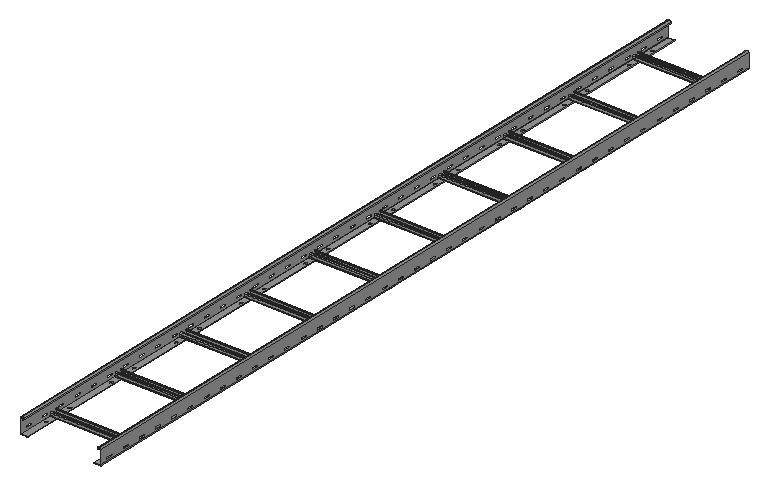
Revit family "Kabelleiter- LG630 VS 3 FS, FT, FT SO", category Generic Models, Revit 2017
Family settings
  Can host rebar = No
  Round Connector Dimension = Use Diameter
  Part Type = Normal
  Work Plane-Based = No
  Always vertical = Yes
  Cut with Voids When Loaded = No
  Shared = No
  Room Calculation Point = No
Parameters (values of type "LG 630 VS 3FT SO")
  Width/2 = 300 mm / 2  # 150 mm
  Width = 300 mm
  URL = "http://obo-bettermann.com"
  Material = Hot-dip galvanised 85 µm
  Manufacturer Art.No. = "7186361"
  Manufacturer = "OBO Bettermann"
  Length = 3000 mm
  Height = 60 mm
  GTIN = "4012195363279"
  Cut's space 2 = 300 mm
  Cut's space = 75 mm
  Cut's number 2 = (Length / Cut's space 2)  # 10
  Cut's number = Length / Cut's space  # 40
  Article Type = "LG 630 VS 3FT SO"
Reference planes
  plane 1 "Center (Front/Back)": y = 0
  plane 2: z = 0
  plane 3 "Center (Left/Right)": x = 0
  plane 4: z = 60
  plane 5: z = 51
  plane 6: z = 51
  plane 7: z = 60.305
  plane 8: y = 3000
  plane 9: y = 37.5
  plane 10: z = 14
  plane 11: y = 23.599
  plane 12: y = 37.599
  plane 13: z = 14
  plane 14: z = 14
  plane 15: z = 14
  plane 16: z = 14
  plane 17: z = 14
  plane 18: z = 14
  plane 19: z = 14
  plane 20: z = 14
  plane 21: z = 14
  plane 22: z = 14
  plane 23: z = 14
  plane 24: z = 14
  plane 25: z = 14
  plane 26: z = 14
  plane 27: z = 14
  plane 28: z = 14
  plane 29: z = 14
  plane 30: z = 14
  plane 31: z = 14
  plane 32: z = 14
  plane 33: z = 14
  plane 34: z = 14
  plane 35: z = 14
  plane 36: z = 14
  plane 37: z = 14
  plane 38: z = 14
  plane 39: z = 14
  plane 40: z = 14
  plane 41: z = 14
  plane 42: z = 14
  plane 43: z = 14
  plane 44: z = 14
  plane 45: z = 14
  plane 46: z = 14
  plane 47: z = 14
  plane 48: z = 14
  plane 49: z = 14
  plane 50: z = 14
  plane 51: z = 14
  plane 52: z = 14
  plane 53: z = 14
  plane 54: z = 14
  plane 55: y = 112.5
  plane 56: z = 14
  plane 57: y = 98.599
  plane 58: y = 187.5
  plane 59: z = 14
  plane 60: y = 173.599
  plane 61: y = 262.5
  plane 62: z = 14
  plane 63: y = 248.599
  plane 64: y = 337.5
  plane 65: z = 14
  plane 66: y = 323.599
  plane 67: y = 412.5
  plane 68: z = 14
  plane 69: y = 398.599
  plane 70: y = 487.5
  plane 71: z = 14
  plane 72: y = 473.599
  plane 73: y = 562.5
  plane 74: z = 14
  plane 75: y = 548.599
  plane 76: y = 637.5
  plane 77: z = 14
  plane 78: y = 623.599
  plane 79: y = 712.5
  plane 80: z = 14
  plane 81: y = 698.599
  plane 82: y = 787.5
  plane 83: z = 14
  plane 84: y = 773.599
  plane 85: y = 862.5
  plane 86: z = 14
  plane 87: y = 848.599
  plane 88: y = 937.5
  plane 89: z = 14
  plane 90: y = 923.599
  plane 91: y = 1012.5
  plane 92: z = 14
  plane 93: y = 998.599
  plane 94: y = 1087.5
  plane 95: z = 14
  plane 96: y = 1073.599
  plane 97: y = 1162.5
  plane 98: z = 14
  plane 99: y = 1148.599
  plane 100: y = 1237.5
  plane 101: z = 14
  plane 102: y = 1223.599
  plane 103: y = 1312.5
  plane 104: z = 14
  plane 105: y = 1298.599
  plane 106: y = 1387.5
  plane 107: z = 14
  plane 108: y = 1373.599
  plane 109: y = 1462.5
  plane 110: z = 14
  plane 111: y = 1448.599
  plane 112: y = 1537.5
  plane 113: z = 14
  plane 114: y = 1523.599
  plane 115: y = 1612.5
  plane 116: z = 14
  plane 117: y = 1598.599
  plane 118: y = 1687.5
  plane 119: z = 14
  plane 120: y = 1673.599
  plane 121: y = 1762.5
  plane 122: z = 14
  plane 123: y = 1748.599
  plane 124: y = 1837.5
  plane 125: z = 14
  plane 126: y = 1823.599
  plane 127: y = 1912.5
  plane 128: z = 14
  plane 129: y = 1898.599
  plane 130: y = 1987.5
  plane 131: z = 14
  plane 132: y = 1973.599
  plane 133: y = 2062.5
  plane 134: z = 14
  plane 135: y = 2048.599
  plane 136: y = 2137.5
  plane 137: z = 14
  plane 138: y = 2123.599
  plane 139: y = 2212.5
  plane 140: z = 14
  plane 141: y = 2198.599
  plane 142: y = 2287.5
  plane 143: z = 14
  plane 144: y = 2273.599
  plane 145: y = 2362.5
  plane 146: z = 14
  plane 147: y = 2348.599
  plane 148: y = 2437.5
  plane 149: z = 14
  plane 150: y = 2423.599
  plane 151: y = 2512.5
  plane 152: z = 14
  plane 153: y = 2498.599
  plane 154: y = 2587.5
  plane 155: z = 14
  plane 156: y = 2573.599
  plane 157: y = 2662.5
  plane 158: z = 14
  plane 159: y = 2648.599
  plane 160: y = 2737.5
  plane 161: z = 14
  plane 162: y = 2723.599
  plane 163: y = 2812.5
  plane 164: z = 14
  plane 165: y = 2798.599
  plane 166: y = 2887.5
  plane 167: z = 14
  plane 168: y = 2873.599
  plane 169: y = 2962.5
  plane 170: z = 14
  plane 171: y = 2948.599
  plane 172: y = 150
  plane 173: z = 15
  plane 174: x = -148.374
  plane 175: y = 100
  plane 176: y = 207.053
  plane 177: x = 132
  plane 178: x = 132
  plane 179: x = 132
  plane 180: x = 132
  plane 181: x = 132
  plane 182: x = 132
  plane 183: x = 132
  plane 184: x = 132
  plane 185: x = 132
  plane 186: x = 132
  plane 187: x = 132
  plane 188: x = 132
  plane 189: x = 132
  plane 190: x = 132
  plane 191: x = 132
  plane 192: x = 132
  plane 193: x = 132
  plane 194: x = 132
  plane 195: x = 132
  plane 196: x = 132
  plane 197: y = 100
  plane 198: y = 207.053
  plane 199: x = -132
  plane 200: x = -132
  plane 201: x = 50
  plane 202: x = 100
  plane 203: x = 40.047
  plane 204: x = 59.953
  plane 205: x = -50
  plane 206: x = -98
  plane 207: z = 15
  plane 208: z = 15
  plane 209: x = 50
  plane 210: x = 100
  plane 211: x = 40.047
  plane 212: x = 59.953
  plane 213: x = -50
  plane 214: x = -98
  plane 215: z = 15
  plane 216: x = 50
  plane 217: x = 100
  plane 218: x = 40.047
  plane 219: x = 59.953
  plane 220: x = -50
  plane 221: x = -98
  plane 222: z = 15
  plane 223: x = 50
  plane 224: x = 100
  plane 225: x = 40.047
  plane 226: x = 59.953
  plane 227: x = -50
  plane 228: x = -98
  plane 229: z = 15
  plane 230: x = 50
  plane 231: x = 100
  plane 232: x = 40.047
  plane 233: x = 59.953
  plane 234: x = -50
  plane 235: x = -98
  plane 236: z = 15
  plane 237: x = 50
  plane 238: x = 100
  plane 239: x = 40.047
  plane 240: x = 59.953
  plane 241: x = -50
  plane 242: x = -98
  plane 243: z = 15
  plane 244: x = 50
  plane 245: x = 100
  plane 246: x = 40.047
  plane 247: x = 59.953
  plane 248: x = -50
  plane 249: x = -98
  plane 250: z = 15
  plane 251: x = 50
  plane 252: x = 100
  plane 253: x = 40.047
  plane 254: x = 59.953
  plane 255: x = -50
  plane 256: x = -98
  plane 257: z = 15
  plane 258: x = 50
  plane 259: x = 100
  plane 260: x = 40.047
  plane 261: x = 59.953
  plane 262: x = -50
  plane 263: x = -98
  plane 264: z = 15
  plane 265: x = 50
  plane 266: x = 100
  plane 267: x = 40.047
  plane 268: x = 59.953
  plane 269: x = -50
  plane 270: x = -98
Forms (mm)
  Extrusion 1, solid, material "Hot-dip galvanised 85 µm" <- "Material"
    sketch origin (0, 0, 0) x (1, 0, 0) y (0, 0, 1)
      loop
        line (-150, 54.005) -> (-150, 2.5)
        arc (-150, 2.5) -> (-149.268, 0.732) -> (-147.5, 0) r 2.5
        line (-147.5, 0) -> (-123, 0) -> (-123, 1.5) -> (-147.5, 1.5)
        arc (-147.5, 1.5) -> (-148.207, 1.793) -> (-148.5, 2.5) r 1
        line (-148.5, 2.5) -> (-148.5, 54.005)
        arc (-148.5, 54.005) -> (-144, 58.505) -> (-139.5, 54.005) r 4.5
        line (-139.5, 54.005) -> (-139.5, 51) -> (-138, 51) -> (-138, 54.005)
        arc (-138, 54.005) -> (-144, 60.005) -> (-150, 54.005) r 6
      loop
        arc (150, 54.038) -> (144, 60.038) -> (138, 54.038) r 6
        line (138, 54.038) -> (138, 51) -> (139.5, 51) -> (139.5, 54.038)
        arc (139.5, 54.038) -> (144, 58.538) -> (148.5, 54.038) r 4.5
        line (148.5, 54.038) -> (148.5, 2.5)
        arc (148.5, 2.5) -> (148.207, 1.793) -> (147.5, 1.5) r 1
        line (147.5, 1.5) -> (123, 1.5) -> (123, 0) -> (147.5, 0)
        arc (147.5, 0) -> (149.268, 0.732) -> (150, 2.5) r 2.5
        line (150, 2.5) -> (150, 54.038)
    from -3000 to 0
  Extrusion 2, void
    sketch origin (0, 0, 0) x (0, 1, 0) y (0, 0, 1)
      loop
        arc (24.599, 18.5) -> (23.891, 18.207) -> (23.599, 17.5) r 1
        line (23.599, 17.5) -> (23.599, 10.5)
        arc (23.599, 10.5) -> (23.891, 9.793) -> (24.599, 9.5) r 1
        line (24.599, 9.5) -> (50.599, 9.5)
        arc (50.599, 9.5) -> (51.306, 9.793) -> (51.599, 10.5) r 1
        line (51.599, 10.5) -> (51.599, 17.5)
        arc (51.599, 17.5) -> (51.306, 18.207) -> (50.599, 18.5) r 1
        line (50.599, 18.5) -> (24.599, 18.5)
    from -150 to -148.5
  Extrusion 3, void
    sketch origin (0, 0, 0) x (0, 1, 0) y (0, 0, 1)
      loop
        arc (24.599, 18.5) -> (23.891, 18.207) -> (23.599, 17.5) r 1
        line (23.599, 17.5) -> (23.599, 10.153)
        arc (23.599, 10.153) -> (23.79, 9.691) -> (24.252, 9.5) r 0.653
        line (24.252, 9.5) -> (50.945, 9.5)
        arc (50.945, 9.5) -> (51.407, 9.691) -> (51.599, 10.153) r 0.653
        line (51.599, 10.153) -> (51.599, 17.5)
        arc (51.599, 17.5) -> (51.306, 18.207) -> (50.599, 18.5) r 1
        line (50.599, 18.5) -> (24.599, 18.5)
    from 148.5 to 150
  Extrusion 4, void
    sketch origin (0, 75, 0) x (0, 1, 0) y (0, 0, 1)
      loop
        arc (24.599, 18.5) -> (23.891, 18.207) -> (23.599, 17.5) r 1
        line (23.599, 17.5) -> (23.599, 10.153)
        arc (23.599, 10.153) -> (23.79, 9.691) -> (24.252, 9.5) r 0.653
        line (24.252, 9.5) -> (50.945, 9.5)
        arc (50.945, 9.5) -> (51.407, 9.691) -> (51.599, 10.153) r 0.653
        line (51.599, 10.153) -> (51.599, 17.5)
        arc (51.599, 17.5) -> (51.306, 18.207) -> (50.599, 18.5) r 1
        line (50.599, 18.5) -> (24.599, 18.5)
    from 148.5 to 150
  Extrusion 5, void
    sketch origin (0, 150, 0) x (0, 1, 0) y (0, 0, 1)
      loop
        arc (24.599, 18.5) -> (23.891, 18.207) -> (23.599, 17.5) r 1
        line (23.599, 17.5) -> (23.599, 10.153)
        arc (23.599, 10.153) -> (23.79, 9.691) -> (24.252, 9.5) r 0.653
        line (24.252, 9.5) -> (50.945, 9.5)
        arc (50.945, 9.5) -> (51.407, 9.691) -> (51.599, 10.153) r 0.653
        line (51.599, 10.153) -> (51.599, 17.5)
        arc (51.599, 17.5) -> (51.306, 18.207) -> (50.599, 18.5) r 1
        line (50.599, 18.5) -> (24.599, 18.5)
    from 148.5 to 150
  Extrusion 6, void
    sketch origin (0, 225, 0) x (0, 1, 0) y (0, 0, 1)
      loop
        arc (24.599, 18.5) -> (23.891, 18.207) -> (23.599, 17.5) r 1
        line (23.599, 17.5) -> (23.599, 10.153)
        arc (23.599, 10.153) -> (23.79, 9.691) -> (24.252, 9.5) r 0.653
        line (24.252, 9.5) -> (50.945, 9.5)
        arc (50.945, 9.5) -> (51.407, 9.691) -> (51.599, 10.153) r 0.653
        line (51.599, 10.153) -> (51.599, 17.5)
        arc (51.599, 17.5) -> (51.306, 18.207) -> (50.599, 18.5) r 1
        line (50.599, 18.5) -> (24.599, 18.5)
    from 148.5 to 150
  Extrusion 7, void
    sketch origin (0, 300, 0) x (0, 1, 0) y (0, 0, 1)
      loop
        arc (24.599, 18.5) -> (23.891, 18.207) -> (23.599, 17.5) r 1
        line (23.599, 17.5) -> (23.599, 10.153)
        arc (23.599, 10.153) -> (23.79, 9.691) -> (24.252, 9.5) r 0.653
        line (24.252, 9.5) -> (50.945, 9.5)
        arc (50.945, 9.5) -> (51.407, 9.691) -> (51.599, 10.153) r 0.653
        line (51.599, 10.153) -> (51.599, 17.5)
        arc (51.599, 17.5) -> (51.306, 18.207) -> (50.599, 18.5) r 1
        line (50.599, 18.5) -> (24.599, 18.5)
    from 148.5 to 150
  Extrusion 8, void
    sketch origin (0, 375, 0) x (0, 1, 0) y (0, 0, 1)
      loop
        arc (24.599, 18.5) -> (23.891, 18.207) -> (23.599, 17.5) r 1
        line (23.599, 17.5) -> (23.599, 10.153)
        arc (23.599, 10.153) -> (23.79, 9.691) -> (24.252, 9.5) r 0.653
        line (24.252, 9.5) -> (50.945, 9.5)
        arc (50.945, 9.5) -> (51.407, 9.691) -> (51.599, 10.153) r 0.653
        line (51.599, 10.153) -> (51.599, 17.5)
        arc (51.599, 17.5) -> (51.306, 18.207) -> (50.599, 18.5) r 1
        line (50.599, 18.5) -> (24.599, 18.5)
    from 148.5 to 150
  Extrusion 9, void
    sketch origin (0, 450, 0) x (0, 1, 0) y (0, 0, 1)
      loop
        arc (24.599, 18.5) -> (23.891, 18.207) -> (23.599, 17.5) r 1
        line (23.599, 17.5) -> (23.599, 10.153)
        arc (23.599, 10.153) -> (23.79, 9.691) -> (24.252, 9.5) r 0.653
        line (24.252, 9.5) -> (50.945, 9.5)
        arc (50.945, 9.5) -> (51.407, 9.691) -> (51.599, 10.153) r 0.653
        line (51.599, 10.153) -> (51.599, 17.5)
        arc (51.599, 17.5) -> (51.306, 18.207) -> (50.599, 18.5) r 1
        line (50.599, 18.5) -> (24.599, 18.5)
    from 148.5 to 150
  Extrusion 10, void
    sketch origin (0, 525, 0) x (0, 1, 0) y (0, 0, 1)
      loop
        arc (24.599, 18.5) -> (23.891, 18.207) -> (23.599, 17.5) r 1
        line (23.599, 17.5) -> (23.599, 10.153)
        arc (23.599, 10.153) -> (23.79, 9.691) -> (24.252, 9.5) r 0.653
        line (24.252, 9.5) -> (50.945, 9.5)
        arc (50.945, 9.5) -> (51.407, 9.691) -> (51.599, 10.153) r 0.653
        line (51.599, 10.153) -> (51.599, 17.5)
        arc (51.599, 17.5) -> (51.306, 18.207) -> (50.599, 18.5) r 1
        line (50.599, 18.5) -> (24.599, 18.5)
    from 148.5 to 150
  Extrusion 11, void
    sketch origin (0, 600, 0) x (0, 1, 0) y (0, 0, 1)
      loop
        arc (24.599, 18.5) -> (23.891, 18.207) -> (23.599, 17.5) r 1
        line (23.599, 17.5) -> (23.599, 10.153)
        arc (23.599, 10.153) -> (23.79, 9.691) -> (24.252, 9.5) r 0.653
        line (24.252, 9.5) -> (50.945, 9.5)
        arc (50.945, 9.5) -> (51.407, 9.691) -> (51.599, 10.153) r 0.653
        line (51.599, 10.153) -> (51.599, 17.5)
        arc (51.599, 17.5) -> (51.306, 18.207) -> (50.599, 18.5) r 1
        line (50.599, 18.5) -> (24.599, 18.5)
    from 148.5 to 150
  Extrusion 12, void
    sketch origin (0, 675, 0) x (0, 1, 0) y (0, 0, 1)
      loop
        arc (24.599, 18.5) -> (23.891, 18.207) -> (23.599, 17.5) r 1
        line (23.599, 17.5) -> (23.599, 10.153)
        arc (23.599, 10.153) -> (23.79, 9.691) -> (24.252, 9.5) r 0.653
        line (24.252, 9.5) -> (50.945, 9.5)
        arc (50.945, 9.5) -> (51.407, 9.691) -> (51.599, 10.153) r 0.653
        line (51.599, 10.153) -> (51.599, 17.5)
        arc (51.599, 17.5) -> (51.306, 18.207) -> (50.599, 18.5) r 1
        line (50.599, 18.5) -> (24.599, 18.5)
    from 148.5 to 150
  Extrusion 13, void
    sketch origin (0, 750, 0) x (0, 1, 0) y (0, 0, 1)
      loop
        arc (24.599, 18.5) -> (23.891, 18.207) -> (23.599, 17.5) r 1
        line (23.599, 17.5) -> (23.599, 10.153)
        arc (23.599, 10.153) -> (23.79, 9.691) -> (24.252, 9.5) r 0.653
        line (24.252, 9.5) -> (50.945, 9.5)
        arc (50.945, 9.5) -> (51.407, 9.691) -> (51.599, 10.153) r 0.653
        line (51.599, 10.153) -> (51.599, 17.5)
        arc (51.599, 17.5) -> (51.306, 18.207) -> (50.599, 18.5) r 1
        line (50.599, 18.5) -> (24.599, 18.5)
    from 148.5 to 150
  Extrusion 14, void
    sketch origin (0, 825, 0) x (0, 1, 0) y (0, 0, 1)
      loop
        arc (24.599, 18.5) -> (23.891, 18.207) -> (23.599, 17.5) r 1
        line (23.599, 17.5) -> (23.599, 10.153)
        arc (23.599, 10.153) -> (23.79, 9.691) -> (24.252, 9.5) r 0.653
        line (24.252, 9.5) -> (50.945, 9.5)
        arc (50.945, 9.5) -> (51.407, 9.691) -> (51.599, 10.153) r 0.653
        line (51.599, 10.153) -> (51.599, 17.5)
        arc (51.599, 17.5) -> (51.306, 18.207) -> (50.599, 18.5) r 1
        line (50.599, 18.5) -> (24.599, 18.5)
    from 148.5 to 150
  Extrusion 15, void
    sketch origin (0, 900, 0) x (0, 1, 0) y (0, 0, 1)
      loop
        arc (24.599, 18.5) -> (23.891, 18.207) -> (23.599, 17.5) r 1
        line (23.599, 17.5) -> (23.599, 10.153)
        arc (23.599, 10.153) -> (23.79, 9.691) -> (24.252, 9.5) r 0.653
        line (24.252, 9.5) -> (50.945, 9.5)
        arc (50.945, 9.5) -> (51.407, 9.691) -> (51.599, 10.153) r 0.653
        line (51.599, 10.153) -> (51.599, 17.5)
        arc (51.599, 17.5) -> (51.306, 18.207) -> (50.599, 18.5) r 1
        line (50.599, 18.5) -> (24.599, 18.5)
    from 148.5 to 150
  Extrusion 16, void
    sketch origin (0, 975, 0) x (0, 1, 0) y (0, 0, 1)
      loop
        arc (24.599, 18.5) -> (23.891, 18.207) -> (23.599, 17.5) r 1
        line (23.599, 17.5) -> (23.599, 10.153)
        arc (23.599, 10.153) -> (23.79, 9.691) -> (24.252, 9.5) r 0.653
        line (24.252, 9.5) -> (50.945, 9.5)
        arc (50.945, 9.5) -> (51.407, 9.691) -> (51.599, 10.153) r 0.653
        line (51.599, 10.153) -> (51.599, 17.5)
        arc (51.599, 17.5) -> (51.306, 18.207) -> (50.599, 18.5) r 1
        line (50.599, 18.5) -> (24.599, 18.5)
    from 148.5 to 150
  Extrusion 17, void
    sketch origin (0, 1050, 0) x (0, 1, 0) y (0, 0, 1)
      loop
        arc (24.599, 18.5) -> (23.891, 18.207) -> (23.599, 17.5) r 1
        line (23.599, 17.5) -> (23.599, 10.153)
        arc (23.599, 10.153) -> (23.79, 9.691) -> (24.252, 9.5) r 0.653
        line (24.252, 9.5) -> (50.945, 9.5)
        arc (50.945, 9.5) -> (51.407, 9.691) -> (51.599, 10.153) r 0.653
        line (51.599, 10.153) -> (51.599, 17.5)
        arc (51.599, 17.5) -> (51.306, 18.207) -> (50.599, 18.5) r 1
        line (50.599, 18.5) -> (24.599, 18.5)
    from 148.5 to 150
  Extrusion 18, void
    sketch origin (0, 1125, 0) x (0, 1, 0) y (0, 0, 1)
      loop
        arc (24.599, 18.5) -> (23.891, 18.207) -> (23.599, 17.5) r 1
        line (23.599, 17.5) -> (23.599, 10.153)
        arc (23.599, 10.153) -> (23.79, 9.691) -> (24.252, 9.5) r 0.653
        line (24.252, 9.5) -> (50.945, 9.5)
        arc (50.945, 9.5) -> (51.407, 9.691) -> (51.599, 10.153) r 0.653
        line (51.599, 10.153) -> (51.599, 17.5)
        arc (51.599, 17.5) -> (51.306, 18.207) -> (50.599, 18.5) r 1
        line (50.599, 18.5) -> (24.599, 18.5)
    from 148.5 to 150
  Extrusion 19, void
    sketch origin (0, 1200, 0) x (0, 1, 0) y (0, 0, 1)
      loop
        arc (24.599, 18.5) -> (23.891, 18.207) -> (23.599, 17.5) r 1
        line (23.599, 17.5) -> (23.599, 10.153)
        arc (23.599, 10.153) -> (23.79, 9.691) -> (24.252, 9.5) r 0.653
        line (24.252, 9.5) -> (50.945, 9.5)
        arc (50.945, 9.5) -> (51.407, 9.691) -> (51.599, 10.153) r 0.653
        line (51.599, 10.153) -> (51.599, 17.5)
        arc (51.599, 17.5) -> (51.306, 18.207) -> (50.599, 18.5) r 1
        line (50.599, 18.5) -> (24.599, 18.5)
    from 148.5 to 150
  Extrusion 20, void
    sketch origin (0, 1275, 0) x (0, 1, 0) y (0, 0, 1)
      loop
        arc (24.599, 18.5) -> (23.891, 18.207) -> (23.599, 17.5) r 1
        line (23.599, 17.5) -> (23.599, 10.153)
        arc (23.599, 10.153) -> (23.79, 9.691) -> (24.252, 9.5) r 0.653
        line (24.252, 9.5) -> (50.945, 9.5)
        arc (50.945, 9.5) -> (51.407, 9.691) -> (51.599, 10.153) r 0.653
        line (51.599, 10.153) -> (51.599, 17.5)
        arc (51.599, 17.5) -> (51.306, 18.207) -> (50.599, 18.5) r 1
        line (50.599, 18.5) -> (24.599, 18.5)
    from 148.5 to 150
  Extrusion 21, void
    sketch origin (0, 1350, 0) x (0, 1, 0) y (0, 0, 1)
      loop
        arc (24.599, 18.5) -> (23.891, 18.207) -> (23.599, 17.5) r 1
        line (23.599, 17.5) -> (23.599, 10.153)
        arc (23.599, 10.153) -> (23.79, 9.691) -> (24.252, 9.5) r 0.653
        line (24.252, 9.5) -> (50.945, 9.5)
        arc (50.945, 9.5) -> (51.407, 9.691) -> (51.599, 10.153) r 0.653
        line (51.599, 10.153) -> (51.599, 17.5)
        arc (51.599, 17.5) -> (51.306, 18.207) -> (50.599, 18.5) r 1
        line (50.599, 18.5) -> (24.599, 18.5)
    from 148.5 to 150
  Extrusion 22, void
    sketch origin (0, 1425, 0) x (0, 1, 0) y (0, 0, 1)
      loop
        arc (24.599, 18.5) -> (23.891, 18.207) -> (23.599, 17.5) r 1
        line (23.599, 17.5) -> (23.599, 10.153)
        arc (23.599, 10.153) -> (23.79, 9.691) -> (24.252, 9.5) r 0.653
        line (24.252, 9.5) -> (50.945, 9.5)
        arc (50.945, 9.5) -> (51.407, 9.691) -> (51.599, 10.153) r 0.653
        line (51.599, 10.153) -> (51.599, 17.5)
        arc (51.599, 17.5) -> (51.306, 18.207) -> (50.599, 18.5) r 1
        line (50.599, 18.5) -> (24.599, 18.5)
    from 148.5 to 150
  Extrusion 23, void
    sketch origin (0, 1500, 0) x (0, 1, 0) y (0, 0, 1)
      loop
        arc (24.599, 18.5) -> (23.891, 18.207) -> (23.599, 17.5) r 1
        line (23.599, 17.5) -> (23.599, 10.153)
        arc (23.599, 10.153) -> (23.79, 9.691) -> (24.252, 9.5) r 0.653
        line (24.252, 9.5) -> (50.945, 9.5)
        arc (50.945, 9.5) -> (51.407, 9.691) -> (51.599, 10.153) r 0.653
        line (51.599, 10.153) -> (51.599, 17.5)
        arc (51.599, 17.5) -> (51.306, 18.207) -> (50.599, 18.5) r 1
        line (50.599, 18.5) -> (24.599, 18.5)
    from 148.5 to 150
  Extrusion 24, void
    sketch origin (0, 1575, 0) x (0, 1, 0) y (0, 0, 1)
      loop
        arc (24.599, 18.5) -> (23.891, 18.207) -> (23.599, 17.5) r 1
        line (23.599, 17.5) -> (23.599, 10.153)
        arc (23.599, 10.153) -> (23.79, 9.691) -> (24.252, 9.5) r 0.653
        line (24.252, 9.5) -> (50.945, 9.5)
        arc (50.945, 9.5) -> (51.407, 9.691) -> (51.599, 10.153) r 0.653
        line (51.599, 10.153) -> (51.599, 17.5)
        arc (51.599, 17.5) -> (51.306, 18.207) -> (50.599, 18.5) r 1
        line (50.599, 18.5) -> (24.599, 18.5)
    from 148.5 to 150
  Extrusion 25, void
    sketch origin (0, 1650, 0) x (0, 1, 0) y (0, 0, 1)
      loop
        arc (24.599, 18.5) -> (23.891, 18.207) -> (23.599, 17.5) r 1
        line (23.599, 17.5) -> (23.599, 10.153)
        arc (23.599, 10.153) -> (23.79, 9.691) -> (24.252, 9.5) r 0.653
        line (24.252, 9.5) -> (50.945, 9.5)
        arc (50.945, 9.5) -> (51.407, 9.691) -> (51.599, 10.153) r 0.653
        line (51.599, 10.153) -> (51.599, 17.5)
        arc (51.599, 17.5) -> (51.306, 18.207) -> (50.599, 18.5) r 1
        line (50.599, 18.5) -> (24.599, 18.5)
    from 148.5 to 150
  Extrusion 26, void
    sketch origin (0, 1725, 0) x (0, 1, 0) y (0, 0, 1)
      loop
        arc (24.599, 18.5) -> (23.891, 18.207) -> (23.599, 17.5) r 1
        line (23.599, 17.5) -> (23.599, 10.153)
        arc (23.599, 10.153) -> (23.79, 9.691) -> (24.252, 9.5) r 0.653
        line (24.252, 9.5) -> (50.945, 9.5)
        arc (50.945, 9.5) -> (51.407, 9.691) -> (51.599, 10.153) r 0.653
        line (51.599, 10.153) -> (51.599, 17.5)
        arc (51.599, 17.5) -> (51.306, 18.207) -> (50.599, 18.5) r 1
        line (50.599, 18.5) -> (24.599, 18.5)
    from 148.5 to 150
  Extrusion 27, void
    sketch origin (0, 1800, 0) x (0, 1, 0) y (0, 0, 1)
      loop
        arc (24.599, 18.5) -> (23.891, 18.207) -> (23.599, 17.5) r 1
        line (23.599, 17.5) -> (23.599, 10.153)
        arc (23.599, 10.153) -> (23.79, 9.691) -> (24.252, 9.5) r 0.653
        line (24.252, 9.5) -> (50.945, 9.5)
        arc (50.945, 9.5) -> (51.407, 9.691) -> (51.599, 10.153) r 0.653
        line (51.599, 10.153) -> (51.599, 17.5)
        arc (51.599, 17.5) -> (51.306, 18.207) -> (50.599, 18.5) r 1
        line (50.599, 18.5) -> (24.599, 18.5)
    from 148.5 to 150
  Extrusion 28, void
    sketch origin (0, 1875, 0) x (0, 1, 0) y (0, 0, 1)
      loop
        arc (24.599, 18.5) -> (23.891, 18.207) -> (23.599, 17.5) r 1
        line (23.599, 17.5) -> (23.599, 10.153)
        arc (23.599, 10.153) -> (23.79, 9.691) -> (24.252, 9.5) r 0.653
        line (24.252, 9.5) -> (50.945, 9.5)
        arc (50.945, 9.5) -> (51.407, 9.691) -> (51.599, 10.153) r 0.653
        line (51.599, 10.153) -> (51.599, 17.5)
        arc (51.599, 17.5) -> (51.306, 18.207) -> (50.599, 18.5) r 1
        line (50.599, 18.5) -> (24.599, 18.5)
    from 148.5 to 150
  Extrusion 29, void
    sketch origin (0, 1950, 0) x (0, 1, 0) y (0, 0, 1)
      loop
        arc (24.599, 18.5) -> (23.891, 18.207) -> (23.599, 17.5) r 1
        line (23.599, 17.5) -> (23.599, 10.153)
        arc (23.599, 10.153) -> (23.79, 9.691) -> (24.252, 9.5) r 0.653
        line (24.252, 9.5) -> (50.945, 9.5)
        arc (50.945, 9.5) -> (51.407, 9.691) -> (51.599, 10.153) r 0.653
        line (51.599, 10.153) -> (51.599, 17.5)
        arc (51.599, 17.5) -> (51.306, 18.207) -> (50.599, 18.5) r 1
        line (50.599, 18.5) -> (24.599, 18.5)
    from 148.5 to 150
  Extrusion 30, void
    sketch origin (0, 2025, 0) x (0, 1, 0) y (0, 0, 1)
      loop
        arc (24.599, 18.5) -> (23.891, 18.207) -> (23.599, 17.5) r 1
        line (23.599, 17.5) -> (23.599, 10.153)
        arc (23.599, 10.153) -> (23.79, 9.691) -> (24.252, 9.5) r 0.653
        line (24.252, 9.5) -> (50.945, 9.5)
        arc (50.945, 9.5) -> (51.407, 9.691) -> (51.599, 10.153) r 0.653
        line (51.599, 10.153) -> (51.599, 17.5)
        arc (51.599, 17.5) -> (51.306, 18.207) -> (50.599, 18.5) r 1
        line (50.599, 18.5) -> (24.599, 18.5)
    from 148.5 to 150
  Extrusion 31, void
    sketch origin (0, 2100, 0) x (0, 1, 0) y (0, 0, 1)
      loop
        arc (24.599, 18.5) -> (23.891, 18.207) -> (23.599, 17.5) r 1
        line (23.599, 17.5) -> (23.599, 10.153)
        arc (23.599, 10.153) -> (23.79, 9.691) -> (24.252, 9.5) r 0.653
        line (24.252, 9.5) -> (50.945, 9.5)
        arc (50.945, 9.5) -> (51.407, 9.691) -> (51.599, 10.153) r 0.653
        line (51.599, 10.153) -> (51.599, 17.5)
        arc (51.599, 17.5) -> (51.306, 18.207) -> (50.599, 18.5) r 1
        line (50.599, 18.5) -> (24.599, 18.5)
    from 148.5 to 150
  Extrusion 32, void
    sketch origin (0, 2175, 0) x (0, 1, 0) y (0, 0, 1)
      loop
        arc (24.599, 18.5) -> (23.891, 18.207) -> (23.599, 17.5) r 1
        line (23.599, 17.5) -> (23.599, 10.153)
        arc (23.599, 10.153) -> (23.79, 9.691) -> (24.252, 9.5) r 0.653
        line (24.252, 9.5) -> (50.945, 9.5)
        arc (50.945, 9.5) -> (51.407, 9.691) -> (51.599, 10.153) r 0.653
        line (51.599, 10.153) -> (51.599, 17.5)
        arc (51.599, 17.5) -> (51.306, 18.207) -> (50.599, 18.5) r 1
        line (50.599, 18.5) -> (24.599, 18.5)
    from 148.5 to 150
  Extrusion 33, void
    sketch origin (0, 2250, 0) x (0, 1, 0) y (0, 0, 1)
      loop
        arc (24.599, 18.5) -> (23.891, 18.207) -> (23.599, 17.5) r 1
        line (23.599, 17.5) -> (23.599, 10.153)
        arc (23.599, 10.153) -> (23.79, 9.691) -> (24.252, 9.5) r 0.653
        line (24.252, 9.5) -> (50.945, 9.5)
        arc (50.945, 9.5) -> (51.407, 9.691) -> (51.599, 10.153) r 0.653
        line (51.599, 10.153) -> (51.599, 17.5)
        arc (51.599, 17.5) -> (51.306, 18.207) -> (50.599, 18.5) r 1
        line (50.599, 18.5) -> (24.599, 18.5)
    from 148.5 to 150
  Extrusion 34, void
    sketch origin (0, 2325, 0) x (0, 1, 0) y (0, 0, 1)
      loop
        arc (24.599, 18.5) -> (23.891, 18.207) -> (23.599, 17.5) r 1
        line (23.599, 17.5) -> (23.599, 10.153)
        arc (23.599, 10.153) -> (23.79, 9.691) -> (24.252, 9.5) r 0.653
        line (24.252, 9.5) -> (50.945, 9.5)
        arc (50.945, 9.5) -> (51.407, 9.691) -> (51.599, 10.153) r 0.653
        line (51.599, 10.153) -> (51.599, 17.5)
        arc (51.599, 17.5) -> (51.306, 18.207) -> (50.599, 18.5) r 1
        line (50.599, 18.5) -> (24.599, 18.5)
    from 148.5 to 150
  Extrusion 35, void
    sketch origin (0, 2400, 0) x (0, 1, 0) y (0, 0, 1)
      loop
        arc (24.599, 18.5) -> (23.891, 18.207) -> (23.599, 17.5) r 1
        line (23.599, 17.5) -> (23.599, 10.153)
        arc (23.599, 10.153) -> (23.79, 9.691) -> (24.252, 9.5) r 0.653
        line (24.252, 9.5) -> (50.945, 9.5)
        arc (50.945, 9.5) -> (51.407, 9.691) -> (51.599, 10.153) r 0.653
        line (51.599, 10.153) -> (51.599, 17.5)
        arc (51.599, 17.5) -> (51.306, 18.207) -> (50.599, 18.5) r 1
        line (50.599, 18.5) -> (24.599, 18.5)
    from 148.5 to 150
  Extrusion 36, void
    sketch origin (0, 2475, 0) x (0, 1, 0) y (0, 0, 1)
      loop
        arc (24.599, 18.5) -> (23.891, 18.207) -> (23.599, 17.5) r 1
        line (23.599, 17.5) -> (23.599, 10.153)
        arc (23.599, 10.153) -> (23.79, 9.691) -> (24.252, 9.5) r 0.653
        line (24.252, 9.5) -> (50.945, 9.5)
        arc (50.945, 9.5) -> (51.407, 9.691) -> (51.599, 10.153) r 0.653
        line (51.599, 10.153) -> (51.599, 17.5)
        arc (51.599, 17.5) -> (51.306, 18.207) -> (50.599, 18.5) r 1
        line (50.599, 18.5) -> (24.599, 18.5)
    from 148.5 to 150
  Extrusion 37, void
    sketch origin (0, 2550, 0) x (0, 1, 0) y (0, 0, 1)
      loop
        arc (24.599, 18.5) -> (23.891, 18.207) -> (23.599, 17.5) r 1
        line (23.599, 17.5) -> (23.599, 10.153)
        arc (23.599, 10.153) -> (23.79, 9.691) -> (24.252, 9.5) r 0.653
        line (24.252, 9.5) -> (50.945, 9.5)
        arc (50.945, 9.5) -> (51.407, 9.691) -> (51.599, 10.153) r 0.653
        line (51.599, 10.153) -> (51.599, 17.5)
        arc (51.599, 17.5) -> (51.306, 18.207) -> (50.599, 18.5) r 1
        line (50.599, 18.5) -> (24.599, 18.5)
    from 148.5 to 150
  Extrusion 38, void
    sketch origin (0, 2625, 0) x (0, 1, 0) y (0, 0, 1)
      loop
        arc (24.599, 18.5) -> (23.891, 18.207) -> (23.599, 17.5) r 1
        line (23.599, 17.5) -> (23.599, 10.153)
        arc (23.599, 10.153) -> (23.79, 9.691) -> (24.252, 9.5) r 0.653
        line (24.252, 9.5) -> (50.945, 9.5)
        arc (50.945, 9.5) -> (51.407, 9.691) -> (51.599, 10.153) r 0.653
        line (51.599, 10.153) -> (51.599, 17.5)
        arc (51.599, 17.5) -> (51.306, 18.207) -> (50.599, 18.5) r 1
        line (50.599, 18.5) -> (24.599, 18.5)
    from 148.5 to 150
  Extrusion 39, void
    sketch origin (0, 2700, 0) x (0, 1, 0) y (0, 0, 1)
      loop
        arc (24.599, 18.5) -> (23.891, 18.207) -> (23.599, 17.5) r 1
        line (23.599, 17.5) -> (23.599, 10.153)
        arc (23.599, 10.153) -> (23.79, 9.691) -> (24.252, 9.5) r 0.653
        line (24.252, 9.5) -> (50.945, 9.5)
        arc (50.945, 9.5) -> (51.407, 9.691) -> (51.599, 10.153) r 0.653
        line (51.599, 10.153) -> (51.599, 17.5)
        arc (51.599, 17.5) -> (51.306, 18.207) -> (50.599, 18.5) r 1
        line (50.599, 18.5) -> (24.599, 18.5)
    from 148.5 to 150
  Extrusion 40, void
    sketch origin (0, 2775, 0) x (0, 1, 0) y (0, 0, 1)
      loop
        arc (24.599, 18.5) -> (23.891, 18.207) -> (23.599, 17.5) r 1
        line (23.599, 17.5) -> (23.599, 10.153)
        arc (23.599, 10.153) -> (23.79, 9.691) -> (24.252, 9.5) r 0.653
        line (24.252, 9.5) -> (50.945, 9.5)
        arc (50.945, 9.5) -> (51.407, 9.691) -> (51.599, 10.153) r 0.653
        line (51.599, 10.153) -> (51.599, 17.5)
        arc (51.599, 17.5) -> (51.306, 18.207) -> (50.599, 18.5) r 1
        line (50.599, 18.5) -> (24.599, 18.5)
    from 148.5 to 150
  Extrusion 41, void
    sketch origin (0, 2850, 0) x (0, 1, 0) y (0, 0, 1)
      loop
        arc (24.599, 18.5) -> (23.891, 18.207) -> (23.599, 17.5) r 1
        line (23.599, 17.5) -> (23.599, 10.153)
        arc (23.599, 10.153) -> (23.79, 9.691) -> (24.252, 9.5) r 0.653
        line (24.252, 9.5) -> (50.945, 9.5)
        arc (50.945, 9.5) -> (51.407, 9.691) -> (51.599, 10.153) r 0.653
        line (51.599, 10.153) -> (51.599, 17.5)
        arc (51.599, 17.5) -> (51.306, 18.207) -> (50.599, 18.5) r 1
        line (50.599, 18.5) -> (24.599, 18.5)
    from 148.5 to 150
  Extrusion 42, void
    sketch origin (0, 2925, 0) x (0, 1, 0) y (0, 0, 1)
      loop
        arc (24.599, 18.5) -> (23.891, 18.207) -> (23.599, 17.5) r 1
        line (23.599, 17.5) -> (23.599, 10.153)
        arc (23.599, 10.153) -> (23.79, 9.691) -> (24.252, 9.5) r 0.653
        line (24.252, 9.5) -> (50.945, 9.5)
        arc (50.945, 9.5) -> (51.407, 9.691) -> (51.599, 10.153) r 0.653
        line (51.599, 10.153) -> (51.599, 17.5)
        arc (51.599, 17.5) -> (51.306, 18.207) -> (50.599, 18.5) r 1
        line (50.599, 18.5) -> (24.599, 18.5)
    from 148.5 to 150
  Extrusion 43, void
    sketch origin (0, 75, 0) x (0, 1, 0) y (0, 0, 1)
      loop
        arc (24.599, 18.5) -> (23.891, 18.207) -> (23.599, 17.5) r 1
        line (23.599, 17.5) -> (23.599, 10.5)
        arc (23.599, 10.5) -> (23.891, 9.793) -> (24.599, 9.5) r 1
        line (24.599, 9.5) -> (50.599, 9.5)
        arc (50.599, 9.5) -> (51.306, 9.793) -> (51.599, 10.5) r 1
        line (51.599, 10.5) -> (51.599, 17.5)
        arc (51.599, 17.5) -> (51.306, 18.207) -> (50.599, 18.5) r 1
        line (50.599, 18.5) -> (24.599, 18.5)
    from -150 to -148.5
  Extrusion 44, void
    sketch origin (0, 150, 0) x (0, 1, 0) y (0, 0, 1)
      loop
        arc (24.599, 18.5) -> (23.891, 18.207) -> (23.599, 17.5) r 1
        line (23.599, 17.5) -> (23.599, 10.5)
        arc (23.599, 10.5) -> (23.891, 9.793) -> (24.599, 9.5) r 1
        line (24.599, 9.5) -> (50.599, 9.5)
        arc (50.599, 9.5) -> (51.306, 9.793) -> (51.599, 10.5) r 1
        line (51.599, 10.5) -> (51.599, 17.5)
        arc (51.599, 17.5) -> (51.306, 18.207) -> (50.599, 18.5) r 1
        line (50.599, 18.5) -> (24.599, 18.5)
    from -150 to -148.5
  Extrusion 45, void
    sketch origin (0, 225, 0) x (0, 1, 0) y (0, 0, 1)
      loop
        arc (24.599, 18.5) -> (23.891, 18.207) -> (23.599, 17.5) r 1
        line (23.599, 17.5) -> (23.599, 10.5)
        arc (23.599, 10.5) -> (23.891, 9.793) -> (24.599, 9.5) r 1
        line (24.599, 9.5) -> (50.599, 9.5)
        arc (50.599, 9.5) -> (51.306, 9.793) -> (51.599, 10.5) r 1
        line (51.599, 10.5) -> (51.599, 17.5)
        arc (51.599, 17.5) -> (51.306, 18.207) -> (50.599, 18.5) r 1
        line (50.599, 18.5) -> (24.599, 18.5)
    from -150 to -148.5
  Extrusion 46, void
    sketch origin (0, 300, 0) x (0, 1, 0) y (0, 0, 1)
      loop
        arc (24.599, 18.5) -> (23.891, 18.207) -> (23.599, 17.5) r 1
        line (23.599, 17.5) -> (23.599, 10.5)
        arc (23.599, 10.5) -> (23.891, 9.793) -> (24.599, 9.5) r 1
        line (24.599, 9.5) -> (50.599, 9.5)
        arc (50.599, 9.5) -> (51.306, 9.793) -> (51.599, 10.5) r 1
        line (51.599, 10.5) -> (51.599, 17.5)
        arc (51.599, 17.5) -> (51.306, 18.207) -> (50.599, 18.5) r 1
        line (50.599, 18.5) -> (24.599, 18.5)
    from -150 to -148.5
  Extrusion 47, void
    sketch origin (0, 375, 0) x (0, 1, 0) y (0, 0, 1)
      loop
        arc (24.599, 18.5) -> (23.891, 18.207) -> (23.599, 17.5) r 1
        line (23.599, 17.5) -> (23.599, 10.5)
        arc (23.599, 10.5) -> (23.891, 9.793) -> (24.599, 9.5) r 1
        line (24.599, 9.5) -> (50.599, 9.5)
        arc (50.599, 9.5) -> (51.306, 9.793) -> (51.599, 10.5) r 1
        line (51.599, 10.5) -> (51.599, 17.5)
        arc (51.599, 17.5) -> (51.306, 18.207) -> (50.599, 18.5) r 1
        line (50.599, 18.5) -> (24.599, 18.5)
    from -150 to -148.5
  Extrusion 48, void
    sketch origin (0, 450, 0) x (0, 1, 0) y (0, 0, 1)
      loop
        arc (24.599, 18.5) -> (23.891, 18.207) -> (23.599, 17.5) r 1
        line (23.599, 17.5) -> (23.599, 10.5)
        arc (23.599, 10.5) -> (23.891, 9.793) -> (24.599, 9.5) r 1
        line (24.599, 9.5) -> (50.599, 9.5)
        arc (50.599, 9.5) -> (51.306, 9.793) -> (51.599, 10.5) r 1
        line (51.599, 10.5) -> (51.599, 17.5)
        arc (51.599, 17.5) -> (51.306, 18.207) -> (50.599, 18.5) r 1
        line (50.599, 18.5) -> (24.599, 18.5)
    from -150 to -148.5
  Extrusion 49, void
    sketch origin (0, 525, 0) x (0, 1, 0) y (0, 0, 1)
      loop
        arc (24.599, 18.5) -> (23.891, 18.207) -> (23.599, 17.5) r 1
        line (23.599, 17.5) -> (23.599, 10.5)
        arc (23.599, 10.5) -> (23.891, 9.793) -> (24.599, 9.5) r 1
        line (24.599, 9.5) -> (50.599, 9.5)
        arc (50.599, 9.5) -> (51.306, 9.793) -> (51.599, 10.5) r 1
        line (51.599, 10.5) -> (51.599, 17.5)
        arc (51.599, 17.5) -> (51.306, 18.207) -> (50.599, 18.5) r 1
        line (50.599, 18.5) -> (24.599, 18.5)
    from -150 to -148.5
  Extrusion 50, void
    sketch origin (0, 600, 0) x (0, 1, 0) y (0, 0, 1)
      loop
        arc (24.599, 18.5) -> (23.891, 18.207) -> (23.599, 17.5) r 1
        line (23.599, 17.5) -> (23.599, 10.5)
        arc (23.599, 10.5) -> (23.891, 9.793) -> (24.599, 9.5) r 1
        line (24.599, 9.5) -> (50.599, 9.5)
        arc (50.599, 9.5) -> (51.306, 9.793) -> (51.599, 10.5) r 1
        line (51.599, 10.5) -> (51.599, 17.5)
        arc (51.599, 17.5) -> (51.306, 18.207) -> (50.599, 18.5) r 1
        line (50.599, 18.5) -> (24.599, 18.5)
    from -150 to -148.5
  Extrusion 51, void
    sketch origin (0, 675, 0) x (0, 1, 0) y (0, 0, 1)
      loop
        arc (24.599, 18.5) -> (23.891, 18.207) -> (23.599, 17.5) r 1
        line (23.599, 17.5) -> (23.599, 10.5)
        arc (23.599, 10.5) -> (23.891, 9.793) -> (24.599, 9.5) r 1
        line (24.599, 9.5) -> (50.599, 9.5)
        arc (50.599, 9.5) -> (51.306, 9.793) -> (51.599, 10.5) r 1
        line (51.599, 10.5) -> (51.599, 17.5)
        arc (51.599, 17.5) -> (51.306, 18.207) -> (50.599, 18.5) r 1
        line (50.599, 18.5) -> (24.599, 18.5)
    from -150 to -148.5
  Extrusion 52, void
    sketch origin (0, 750, 0) x (0, 1, 0) y (0, 0, 1)
      loop
        arc (24.599, 18.5) -> (23.891, 18.207) -> (23.599, 17.5) r 1
        line (23.599, 17.5) -> (23.599, 10.5)
        arc (23.599, 10.5) -> (23.891, 9.793) -> (24.599, 9.5) r 1
        line (24.599, 9.5) -> (50.599, 9.5)
        arc (50.599, 9.5) -> (51.306, 9.793) -> (51.599, 10.5) r 1
        line (51.599, 10.5) -> (51.599, 17.5)
        arc (51.599, 17.5) -> (51.306, 18.207) -> (50.599, 18.5) r 1
        line (50.599, 18.5) -> (24.599, 18.5)
    from -150 to -148.5
  Extrusion 53, void
    sketch origin (0, 825, 0) x (0, 1, 0) y (0, 0, 1)
      loop
        arc (24.599, 18.5) -> (23.891, 18.207) -> (23.599, 17.5) r 1
        line (23.599, 17.5) -> (23.599, 10.5)
        arc (23.599, 10.5) -> (23.891, 9.793) -> (24.599, 9.5) r 1
        line (24.599, 9.5) -> (50.599, 9.5)
        arc (50.599, 9.5) -> (51.306, 9.793) -> (51.599, 10.5) r 1
        line (51.599, 10.5) -> (51.599, 17.5)
        arc (51.599, 17.5) -> (51.306, 18.207) -> (50.599, 18.5) r 1
        line (50.599, 18.5) -> (24.599, 18.5)
    from -150 to -148.5
  Extrusion 54, void
    sketch origin (0, 900, 0) x (0, 1, 0) y (0, 0, 1)
      loop
        arc (24.599, 18.5) -> (23.891, 18.207) -> (23.599, 17.5) r 1
        line (23.599, 17.5) -> (23.599, 10.5)
        arc (23.599, 10.5) -> (23.891, 9.793) -> (24.599, 9.5) r 1
        line (24.599, 9.5) -> (50.599, 9.5)
        arc (50.599, 9.5) -> (51.306, 9.793) -> (51.599, 10.5) r 1
        line (51.599, 10.5) -> (51.599, 17.5)
        arc (51.599, 17.5) -> (51.306, 18.207) -> (50.599, 18.5) r 1
        line (50.599, 18.5) -> (24.599, 18.5)
    from -150 to -148.5
  Extrusion 55, void
    sketch origin (0, 975, 0) x (0, 1, 0) y (0, 0, 1)
      loop
        arc (24.599, 18.5) -> (23.891, 18.207) -> (23.599, 17.5) r 1
        line (23.599, 17.5) -> (23.599, 10.5)
        arc (23.599, 10.5) -> (23.891, 9.793) -> (24.599, 9.5) r 1
        line (24.599, 9.5) -> (50.599, 9.5)
        arc (50.599, 9.5) -> (51.306, 9.793) -> (51.599, 10.5) r 1
        line (51.599, 10.5) -> (51.599, 17.5)
        arc (51.599, 17.5) -> (51.306, 18.207) -> (50.599, 18.5) r 1
        line (50.599, 18.5) -> (24.599, 18.5)
    from -150 to -148.5
  Extrusion 56, void
    sketch origin (0, 1050, 0) x (0, 1, 0) y (0, 0, 1)
      loop
        arc (24.599, 18.5) -> (23.891, 18.207) -> (23.599, 17.5) r 1
        line (23.599, 17.5) -> (23.599, 10.5)
        arc (23.599, 10.5) -> (23.891, 9.793) -> (24.599, 9.5) r 1
        line (24.599, 9.5) -> (50.599, 9.5)
        arc (50.599, 9.5) -> (51.306, 9.793) -> (51.599, 10.5) r 1
        line (51.599, 10.5) -> (51.599, 17.5)
        arc (51.599, 17.5) -> (51.306, 18.207) -> (50.599, 18.5) r 1
        line (50.599, 18.5) -> (24.599, 18.5)
    from -150 to -148.5
  Extrusion 57, void
    sketch origin (0, 1125, 0) x (0, 1, 0) y (0, 0, 1)
      loop
        arc (24.599, 18.5) -> (23.891, 18.207) -> (23.599, 17.5) r 1
        line (23.599, 17.5) -> (23.599, 10.5)
        arc (23.599, 10.5) -> (23.891, 9.793) -> (24.599, 9.5) r 1
        line (24.599, 9.5) -> (50.599, 9.5)
        arc (50.599, 9.5) -> (51.306, 9.793) -> (51.599, 10.5) r 1
        line (51.599, 10.5) -> (51.599, 17.5)
        arc (51.599, 17.5) -> (51.306, 18.207) -> (50.599, 18.5) r 1
        line (50.599, 18.5) -> (24.599, 18.5)
    from -150 to -148.5
  Extrusion 58, void
    sketch origin (0, 1200, 0) x (0, 1, 0) y (0, 0, 1)
      loop
        arc (24.599, 18.5) -> (23.891, 18.207) -> (23.599, 17.5) r 1
        line (23.599, 17.5) -> (23.599, 10.5)
        arc (23.599, 10.5) -> (23.891, 9.793) -> (24.599, 9.5) r 1
        line (24.599, 9.5) -> (50.599, 9.5)
        arc (50.599, 9.5) -> (51.306, 9.793) -> (51.599, 10.5) r 1
        line (51.599, 10.5) -> (51.599, 17.5)
        arc (51.599, 17.5) -> (51.306, 18.207) -> (50.599, 18.5) r 1
        line (50.599, 18.5) -> (24.599, 18.5)
    from -150 to -148.5
  Extrusion 59, void
    sketch origin (0, 1275, 0) x (0, 1, 0) y (0, 0, 1)
      loop
        arc (24.599, 18.5) -> (23.891, 18.207) -> (23.599, 17.5) r 1
        line (23.599, 17.5) -> (23.599, 10.5)
        arc (23.599, 10.5) -> (23.891, 9.793) -> (24.599, 9.5) r 1
        line (24.599, 9.5) -> (50.599, 9.5)
        arc (50.599, 9.5) -> (51.306, 9.793) -> (51.599, 10.5) r 1
        line (51.599, 10.5) -> (51.599, 17.5)
        arc (51.599, 17.5) -> (51.306, 18.207) -> (50.599, 18.5) r 1
        line (50.599, 18.5) -> (24.599, 18.5)
    from -150 to -148.5
  Extrusion 60, void
    sketch origin (0, 1350, 0) x (0, 1, 0) y (0, 0, 1)
      loop
        arc (24.599, 18.5) -> (23.891, 18.207) -> (23.599, 17.5) r 1
        line (23.599, 17.5) -> (23.599, 10.5)
        arc (23.599, 10.5) -> (23.891, 9.793) -> (24.599, 9.5) r 1
        line (24.599, 9.5) -> (50.599, 9.5)
        arc (50.599, 9.5) -> (51.306, 9.793) -> (51.599, 10.5) r 1
        line (51.599, 10.5) -> (51.599, 17.5)
        arc (51.599, 17.5) -> (51.306, 18.207) -> (50.599, 18.5) r 1
        line (50.599, 18.5) -> (24.599, 18.5)
    from -150 to -148.5
  Extrusion 61, void
    sketch origin (0, 1425, 0) x (0, 1, 0) y (0, 0, 1)
      loop
        arc (24.599, 18.5) -> (23.891, 18.207) -> (23.599, 17.5) r 1
        line (23.599, 17.5) -> (23.599, 10.5)
        arc (23.599, 10.5) -> (23.891, 9.793) -> (24.599, 9.5) r 1
        line (24.599, 9.5) -> (50.599, 9.5)
        arc (50.599, 9.5) -> (51.306, 9.793) -> (51.599, 10.5) r 1
        line (51.599, 10.5) -> (51.599, 17.5)
        arc (51.599, 17.5) -> (51.306, 18.207) -> (50.599, 18.5) r 1
        line (50.599, 18.5) -> (24.599, 18.5)
    from -150 to -148.5
  Extrusion 62, void
    sketch origin (0, 1500, 0) x (0, 1, 0) y (0, 0, 1)
      loop
        arc (24.599, 18.5) -> (23.891, 18.207) -> (23.599, 17.5) r 1
        line (23.599, 17.5) -> (23.599, 10.5)
        arc (23.599, 10.5) -> (23.891, 9.793) -> (24.599, 9.5) r 1
        line (24.599, 9.5) -> (50.599, 9.5)
        arc (50.599, 9.5) -> (51.306, 9.793) -> (51.599, 10.5) r 1
        line (51.599, 10.5) -> (51.599, 17.5)
        arc (51.599, 17.5) -> (51.306, 18.207) -> (50.599, 18.5) r 1
        line (50.599, 18.5) -> (24.599, 18.5)
    from -150 to -148.5
  Extrusion 63, void
    sketch origin (0, 1575, 0) x (0, 1, 0) y (0, 0, 1)
      loop
        arc (24.599, 18.5) -> (23.891, 18.207) -> (23.599, 17.5) r 1
        line (23.599, 17.5) -> (23.599, 10.5)
        arc (23.599, 10.5) -> (23.891, 9.793) -> (24.599, 9.5) r 1
        line (24.599, 9.5) -> (50.599, 9.5)
        arc (50.599, 9.5) -> (51.306, 9.793) -> (51.599, 10.5) r 1
        line (51.599, 10.5) -> (51.599, 17.5)
        arc (51.599, 17.5) -> (51.306, 18.207) -> (50.599, 18.5) r 1
        line (50.599, 18.5) -> (24.599, 18.5)
    from -150 to -148.5
  Extrusion 64, void
    sketch origin (0, 1650, 0) x (0, 1, 0) y (0, 0, 1)
      loop
        arc (24.599, 18.5) -> (23.891, 18.207) -> (23.599, 17.5) r 1
        line (23.599, 17.5) -> (23.599, 10.5)
        arc (23.599, 10.5) -> (23.891, 9.793) -> (24.599, 9.5) r 1
        line (24.599, 9.5) -> (50.599, 9.5)
        arc (50.599, 9.5) -> (51.306, 9.793) -> (51.599, 10.5) r 1
        line (51.599, 10.5) -> (51.599, 17.5)
        arc (51.599, 17.5) -> (51.306, 18.207) -> (50.599, 18.5) r 1
        line (50.599, 18.5) -> (24.599, 18.5)
    from -150 to -148.5
  Extrusion 65, void
    sketch origin (0, 1725, 0) x (0, 1, 0) y (0, 0, 1)
      loop
        arc (24.599, 18.5) -> (23.891, 18.207) -> (23.599, 17.5) r 1
        line (23.599, 17.5) -> (23.599, 10.5)
        arc (23.599, 10.5) -> (23.891, 9.793) -> (24.599, 9.5) r 1
        line (24.599, 9.5) -> (50.599, 9.5)
        arc (50.599, 9.5) -> (51.306, 9.793) -> (51.599, 10.5) r 1
        line (51.599, 10.5) -> (51.599, 17.5)
        arc (51.599, 17.5) -> (51.306, 18.207) -> (50.599, 18.5) r 1
        line (50.599, 18.5) -> (24.599, 18.5)
    from -150 to -148.5
  Extrusion 66, void
    sketch origin (0, 1800, 0) x (0, 1, 0) y (0, 0, 1)
      loop
        arc (24.599, 18.5) -> (23.891, 18.207) -> (23.599, 17.5) r 1
        line (23.599, 17.5) -> (23.599, 10.5)
        arc (23.599, 10.5) -> (23.891, 9.793) -> (24.599, 9.5) r 1
        line (24.599, 9.5) -> (50.599, 9.5)
        arc (50.599, 9.5) -> (51.306, 9.793) -> (51.599, 10.5) r 1
        line (51.599, 10.5) -> (51.599, 17.5)
        arc (51.599, 17.5) -> (51.306, 18.207) -> (50.599, 18.5) r 1
        line (50.599, 18.5) -> (24.599, 18.5)
    from -150 to -148.5
  Extrusion 67, void
    sketch origin (0, 1875, 0) x (0, 1, 0) y (0, 0, 1)
      loop
        arc (24.599, 18.5) -> (23.891, 18.207) -> (23.599, 17.5) r 1
        line (23.599, 17.5) -> (23.599, 10.5)
        arc (23.599, 10.5) -> (23.891, 9.793) -> (24.599, 9.5) r 1
        line (24.599, 9.5) -> (50.599, 9.5)
        arc (50.599, 9.5) -> (51.306, 9.793) -> (51.599, 10.5) r 1
        line (51.599, 10.5) -> (51.599, 17.5)
        arc (51.599, 17.5) -> (51.306, 18.207) -> (50.599, 18.5) r 1
        line (50.599, 18.5) -> (24.599, 18.5)
    from -150 to -148.5
  Extrusion 68, void
    sketch origin (0, 1950, 0) x (0, 1, 0) y (0, 0, 1)
      loop
        arc (24.599, 18.5) -> (23.891, 18.207) -> (23.599, 17.5) r 1
        line (23.599, 17.5) -> (23.599, 10.5)
        arc (23.599, 10.5) -> (23.891, 9.793) -> (24.599, 9.5) r 1
        line (24.599, 9.5) -> (50.599, 9.5)
        arc (50.599, 9.5) -> (51.306, 9.793) -> (51.599, 10.5) r 1
        line (51.599, 10.5) -> (51.599, 17.5)
        arc (51.599, 17.5) -> (51.306, 18.207) -> (50.599, 18.5) r 1
        line (50.599, 18.5) -> (24.599, 18.5)
    from -150 to -148.5
  Extrusion 69, void
    sketch origin (0, 2025, 0) x (0, 1, 0) y (0, 0, 1)
      loop
        arc (24.599, 18.5) -> (23.891, 18.207) -> (23.599, 17.5) r 1
        line (23.599, 17.5) -> (23.599, 10.5)
        arc (23.599, 10.5) -> (23.891, 9.793) -> (24.599, 9.5) r 1
        line (24.599, 9.5) -> (50.599, 9.5)
        arc (50.599, 9.5) -> (51.306, 9.793) -> (51.599, 10.5) r 1
        line (51.599, 10.5) -> (51.599, 17.5)
        arc (51.599, 17.5) -> (51.306, 18.207) -> (50.599, 18.5) r 1
        line (50.599, 18.5) -> (24.599, 18.5)
    from -150 to -148.5
  Extrusion 70, void
    sketch origin (0, 2100, 0) x (0, 1, 0) y (0, 0, 1)
      loop
        arc (24.599, 18.5) -> (23.891, 18.207) -> (23.599, 17.5) r 1
        line (23.599, 17.5) -> (23.599, 10.5)
        arc (23.599, 10.5) -> (23.891, 9.793) -> (24.599, 9.5) r 1
        line (24.599, 9.5) -> (50.599, 9.5)
        arc (50.599, 9.5) -> (51.306, 9.793) -> (51.599, 10.5) r 1
        line (51.599, 10.5) -> (51.599, 17.5)
        arc (51.599, 17.5) -> (51.306, 18.207) -> (50.599, 18.5) r 1
        line (50.599, 18.5) -> (24.599, 18.5)
    from -150 to -148.5
  Extrusion 71, void
    sketch origin (0, 2175, 0) x (0, 1, 0) y (0, 0, 1)
      loop
        arc (24.599, 18.5) -> (23.891, 18.207) -> (23.599, 17.5) r 1
        line (23.599, 17.5) -> (23.599, 10.5)
        arc (23.599, 10.5) -> (23.891, 9.793) -> (24.599, 9.5) r 1
        line (24.599, 9.5) -> (50.599, 9.5)
        arc (50.599, 9.5) -> (51.306, 9.793) -> (51.599, 10.5) r 1
        line (51.599, 10.5) -> (51.599, 17.5)
        arc (51.599, 17.5) -> (51.306, 18.207) -> (50.599, 18.5) r 1
        line (50.599, 18.5) -> (24.599, 18.5)
    from -150 to -148.5
  Extrusion 72, void
    sketch origin (0, 2250, 0) x (0, 1, 0) y (0, 0, 1)
      loop
        arc (24.599, 18.5) -> (23.891, 18.207) -> (23.599, 17.5) r 1
        line (23.599, 17.5) -> (23.599, 10.5)
        arc (23.599, 10.5) -> (23.891, 9.793) -> (24.599, 9.5) r 1
        line (24.599, 9.5) -> (50.599, 9.5)
        arc (50.599, 9.5) -> (51.306, 9.793) -> (51.599, 10.5) r 1
        line (51.599, 10.5) -> (51.599, 17.5)
        arc (51.599, 17.5) -> (51.306, 18.207) -> (50.599, 18.5) r 1
        line (50.599, 18.5) -> (24.599, 18.5)
    from -150 to -148.5
  Extrusion 73, void
    sketch origin (0, 2325, 0) x (0, 1, 0) y (0, 0, 1)
      loop
        arc (24.599, 18.5) -> (23.891, 18.207) -> (23.599, 17.5) r 1
        line (23.599, 17.5) -> (23.599, 10.5)
        arc (23.599, 10.5) -> (23.891, 9.793) -> (24.599, 9.5) r 1
        line (24.599, 9.5) -> (50.599, 9.5)
        arc (50.599, 9.5) -> (51.306, 9.793) -> (51.599, 10.5) r 1
        line (51.599, 10.5) -> (51.599, 17.5)
        arc (51.599, 17.5) -> (51.306, 18.207) -> (50.599, 18.5) r 1
        line (50.599, 18.5) -> (24.599, 18.5)
    from -150 to -148.5
  Extrusion 74, void
    sketch origin (0, 2400, 0) x (0, 1, 0) y (0, 0, 1)
      loop
        arc (24.599, 18.5) -> (23.891, 18.207) -> (23.599, 17.5) r 1
        line (23.599, 17.5) -> (23.599, 10.5)
        arc (23.599, 10.5) -> (23.891, 9.793) -> (24.599, 9.5) r 1
        line (24.599, 9.5) -> (50.599, 9.5)
        arc (50.599, 9.5) -> (51.306, 9.793) -> (51.599, 10.5) r 1
        line (51.599, 10.5) -> (51.599, 17.5)
        arc (51.599, 17.5) -> (51.306, 18.207) -> (50.599, 18.5) r 1
        line (50.599, 18.5) -> (24.599, 18.5)
    from -150 to -148.5
  Extrusion 75, void
    sketch origin (0, 2475, 0) x (0, 1, 0) y (0, 0, 1)
      loop
        arc (24.599, 18.5) -> (23.891, 18.207) -> (23.599, 17.5) r 1
        line (23.599, 17.5) -> (23.599, 10.5)
        arc (23.599, 10.5) -> (23.891, 9.793) -> (24.599, 9.5) r 1
        line (24.599, 9.5) -> (50.599, 9.5)
        arc (50.599, 9.5) -> (51.306, 9.793) -> (51.599, 10.5) r 1
        line (51.599, 10.5) -> (51.599, 17.5)
        arc (51.599, 17.5) -> (51.306, 18.207) -> (50.599, 18.5) r 1
        line (50.599, 18.5) -> (24.599, 18.5)
    from -150 to -148.5
  Extrusion 76, void
    sketch origin (0, 2550, 0) x (0, 1, 0) y (0, 0, 1)
      loop
        arc (24.599, 18.5) -> (23.891, 18.207) -> (23.599, 17.5) r 1
        line (23.599, 17.5) -> (23.599, 10.5)
        arc (23.599, 10.5) -> (23.891, 9.793) -> (24.599, 9.5) r 1
        line (24.599, 9.5) -> (50.599, 9.5)
        arc (50.599, 9.5) -> (51.306, 9.793) -> (51.599, 10.5) r 1
        line (51.599, 10.5) -> (51.599, 17.5)
        arc (51.599, 17.5) -> (51.306, 18.207) -> (50.599, 18.5) r 1
        line (50.599, 18.5) -> (24.599, 18.5)
    from -150 to -148.5
  Extrusion 77, void
    sketch origin (0, 2625, 0) x (0, 1, 0) y (0, 0, 1)
      loop
        arc (24.599, 18.5) -> (23.891, 18.207) -> (23.599, 17.5) r 1
        line (23.599, 17.5) -> (23.599, 10.5)
        arc (23.599, 10.5) -> (23.891, 9.793) -> (24.599, 9.5) r 1
        line (24.599, 9.5) -> (50.599, 9.5)
        arc (50.599, 9.5) -> (51.306, 9.793) -> (51.599, 10.5) r 1
        line (51.599, 10.5) -> (51.599, 17.5)
        arc (51.599, 17.5) -> (51.306, 18.207) -> (50.599, 18.5) r 1
        line (50.599, 18.5) -> (24.599, 18.5)
    from -150 to -148.5
  Extrusion 78, void
    sketch origin (0, 2700, 0) x (0, 1, 0) y (0, 0, 1)
      loop
        arc (24.599, 18.5) -> (23.891, 18.207) -> (23.599, 17.5) r 1
        line (23.599, 17.5) -> (23.599, 10.5)
        arc (23.599, 10.5) -> (23.891, 9.793) -> (24.599, 9.5) r 1
        line (24.599, 9.5) -> (50.599, 9.5)
        arc (50.599, 9.5) -> (51.306, 9.793) -> (51.599, 10.5) r 1
        line (51.599, 10.5) -> (51.599, 17.5)
        arc (51.599, 17.5) -> (51.306, 18.207) -> (50.599, 18.5) r 1
        line (50.599, 18.5) -> (24.599, 18.5)
    from -150 to -148.5
  Extrusion 79, void
    sketch origin (0, 2775, 0) x (0, 1, 0) y (0, 0, 1)
      loop
        arc (24.599, 18.5) -> (23.891, 18.207) -> (23.599, 17.5) r 1
        line (23.599, 17.5) -> (23.599, 10.5)
        arc (23.599, 10.5) -> (23.891, 9.793) -> (24.599, 9.5) r 1
        line (24.599, 9.5) -> (50.599, 9.5)
        arc (50.599, 9.5) -> (51.306, 9.793) -> (51.599, 10.5) r 1
        line (51.599, 10.5) -> (51.599, 17.5)
        arc (51.599, 17.5) -> (51.306, 18.207) -> (50.599, 18.5) r 1
        line (50.599, 18.5) -> (24.599, 18.5)
    from -150 to -148.5
  Extrusion 80, void
    sketch origin (0, 2850, 0) x (0, 1, 0) y (0, 0, 1)
      loop
        arc (24.599, 18.5) -> (23.891, 18.207) -> (23.599, 17.5) r 1
        line (23.599, 17.5) -> (23.599, 10.5)
        arc (23.599, 10.5) -> (23.891, 9.793) -> (24.599, 9.5) r 1
        line (24.599, 9.5) -> (50.599, 9.5)
